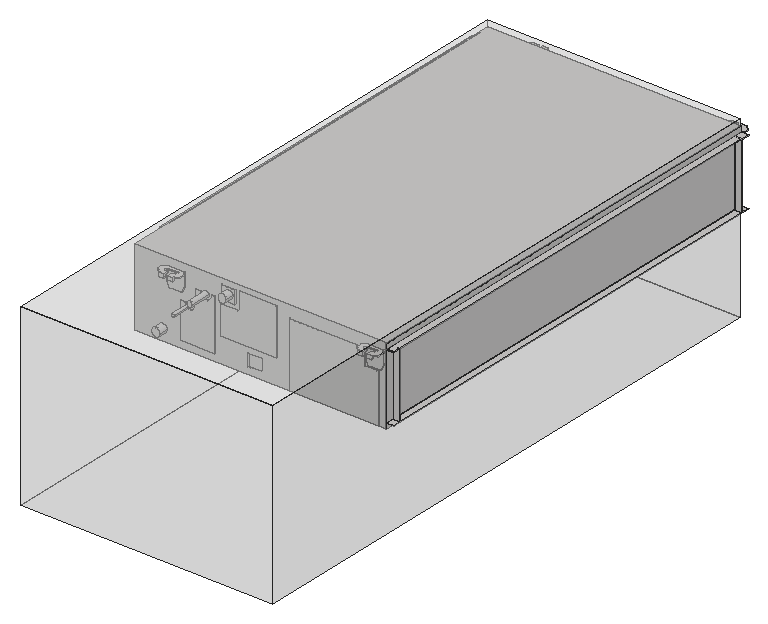
Revit family "outputfile", category 機械設備, Revit 2024
Family settings
  丸型コネクタ寸法 = 半径を使用
  パーツ タイプ = 標準
  OmniClass 番号 = 23.75.10.24.21.27.27
  OmniClass タイトル = Split System Air Conditioning Units
  作業面ベース = いいえ
  常に垂直 = はい
  ロード時にボイドで切り取り = いいえ
  注釈の向きを維持 = いいえ
  共有 = いいえ
  部屋計算ポイント = はい
Parameters (values of type "FBA125BVMA8")
  製造元 = "Daikin"
  書き出し IFC クラス(タイプ) = "IfcUnitaryEquipmentType"
  定義済み IFC タイプ(タイプ) = "AIRCONDITIONINGUNIT"
  モデル = "FBA125BVMA8"
  switch_frequency = yes
  r_Liquid Pipe Size = Liquid Pipe Size / 2  # 4.75 mm
  r_Gas Pipe Size = Gas Pipe Size / 2  # 7.95 mm
  r_Drain Pipe Size = Drain Pipe Size / 2  # 12.5 mm
  lw_power = 770.0 mm  # constant formula
  lh_SA = 138.0 mm  # constant formula
  lw_SA = if(Width = 550.0 mm, 225.0 mm, if(Width = 700.0 mm, 300.0 mm, if(Width = 1000.0 mm, 450.0 mm, if(Width = 1400.0 mm, 650.0 mm, 725.0 mm))))  # 650.0 mm
  lw_RA = if(Width = 550.0 mm, 275.0 mm, if(Width = 700.0 mm, 349.0 mm, if(Width = 1000.0 mm, 499.0 mm, if(Width = 1400.0 mm, 699.0 mm, 775.0 mm))))  # 699.0 mm
  lh_power = 60.0 mm + [h***]  # 60.0 mm
  lh_mountinghole1 = lh_mountinghole + [h***]  # 222.0 mm
  lh_RA = 123.0 mm  # constant formula
  ld_power = Width / 2  # 700.0 mm
  connector_voltage = Voltage_50Hz  # 230 V
  connector_powerinput = [Power Input (Cooling)]  # 3.680 kW
  connector_phase = Phase_50Hz  # 1
  Voltage_comment_60Hz = "220-230"
  Voltage_comment_50Hz = "220-240"
  Voltage_60Hz = 220 V
  Voltage_50Hz = 230 V
  Total Heating Capacity [instance] = 0.000 kW
  Supply Air Direction [instance] = yes
  Sound Power Level_H speed (dB) = 68
  Power Input (Heating) = 3.880 kW
  Phase_60Hz = 1
  Phase_50Hz = 1
  Nominal Heating Capacity = 15.000 kW
  Minimum External Static Pressure = 50.00 Pa
  Maximum External Static Pressure = 150.00 Pa
  Material_Casing = DAIKIN_GalvanizedSteel_Casing_indoorunit
  lw_mountinghole = 630.0 mm  # constant formula
  lh_gaspipe = 183.0 mm + [h***]  # 183.0 mm
  lh_mountinghole = 222.0 mm  # constant formula
  lh_liquidpipe = 136.0 mm + [h***]  # 136.0 mm
  lh_drainpipe = 207.0 mm + [h***]  # 207.0 mm
  lh_antena = Height - lh_mountinghole + 1.0 mm  # 24.0 mm
  ld_drainpipe = Width / 2 + 26.0 mm  # 726.0 mm
  ld_liquidpipe = Width / 2 + 69.0 mm  # 769.0 mm
  ld_gaspipe = Width / 2 + 65.0 mm  # 765.0 mm
  ld_mountinghole = Width + 38.0 mm  # 1438.0 mm
  h*** = 0.0 mm  # constant formula
  lw_liquidpipe = 179.0 mm  # constant formula
  lw_gaspipe = 229.0 mm  # constant formula
  lw_drainpipe = 300.0 mm  # constant formula
  Width = 1400.0 mm
  Version = "ver.1.0"
  Unit Type = "Duct"
  Unit Mass Weight = 47.00 kg
  Unit Designation [instance] = ""
  Uniclass2015Version = "Products v1.30"
  Uniclass2015Title = "Split coil room air conditioning units"
  Uniclass2015Code = "Pr_70_65_03_86"
  Total Cooling Capacity [instance] = 0.000 kW
  Sound Pressure Level_M speed (dBA) = 37.5
  Sound Pressure Level_L speed (dBA) = 35
  Sound Pressure Level_H speed (dBA) = 40
  Series = "SkyAir_Fan Coil Unit"
  Sensible Cooling Capacity [instance] = 0.000 kW
  SA Duct Size Width = 1192.0 mm
  SA Duct Size Height = 176.0 mm
  Refrigerant Type = "R32"
  RA Duct Size Width = 1352.0 mm
  RA Duct Size Height = 208.0 mm
  Power Input (Cooling) = 3.680 kW
  Option Accessory 3 [instance] = ""
  Option Accessory 2 [instance] = ""
  Option Accessory 1 [instance] = ""
  Nominal Cooling Capacity = 12.500 kW
  Minimum Airflow = 1500.00 m³/h
  Median Airflow = 1830.00 m³/h
  Maximum Airflow = 2160.00 m³/h
  Load Classification = HVAC
  Liquid Pipe Size = 9.5 mm
  Link_Nested Family [instance] = ""
  IfcVersion = ""
  IfcExportType = "AIRCONDITIONINGUNIT"
  IfcExportAs = "IfcUnitaryEquipmentType"
  Height = 245.0 mm
  Heating Entering Wet Bulb Temperature [instance] = -273.15 °C
  Heating Entering Dry Bulb Temperature [instance] = -273.15 °C
  Heating Ambient Wet Bulb Temperature [instance] = -273.15 °C
  Heating Ambient Dry Bulb Temperature [instance] = -273.15 °C
  Heat Exchanger Type = "Cross Fin Coil"
  Gas Pipe Size = 15.9 mm
  Frequency_60Hz = 60 Hz
  Frequency_50Hz = 50 Hz
  Fan Type = "Sirocco Fan"
  Fan Drive = "Direct Drive"
  FCU Tag No. [instance] = ""
  Drain Pipe Size = 25.0 mm
  Design Supply Airflow [instance] = 0.00 m³/h
  Design Return Airflow [instance] = 0.00 m³/h
  Design External Static Pressure [instance] = 0.00 Pa
  Depth = 800.0 mm
  既定の高さ = 0.0 mm
  Cooling Entering Wet Bulb Temperature [instance] = 0.00 °C
  Cooling Entering Dry Bulb Temperature [instance] = 0.00 °C
  Cooling Ambient Wet Bulb Temperature [instance] = 0.00 °C
  Cooling Ambient Dry Bulb Temperature [instance] = 0.00 °C
  Clearance visibility [instance] = yes
  Clearance Top = 20.0 mm
  Clearance Right = 0.0 mm
  Clearance Rear = 0.0 mm
  Clearance Left = 0.0 mm
  Clearance Front = 450.0 mm
  Clearance Bottom = 300.0 mm
Reference planes
  plane 1 "Center (Front/Back)": y = 0
  plane 2 "h": z = 0
  plane 3 "Center (Left/Right)": x = 0
  plane 4 "Back": y = 700
  plane 5 "Front": y = -700
  plane 6 "Left": x = -400
  plane 7 "Right": x = 400
  plane 8 "Top": z = 0
  plane 9 "Bottom": z = -245
  plane 10: y = -215
  plane 11: y = 700
  plane 12: y = -1150
  plane 13: x = -400
  plane 14: x = 400
  plane 15: z = 20
  plane 16: z = -545
  plane 17: x = -400
  plane 18: x = -399
  plane 19: x = 399
  plane 20: y = 50
  plane 21: y = -1
  plane 22: z = -122
  plane 23: y = -701
  plane 24: z = -109
  plane 25: x = -221
  plane 26: y = -765
  plane 27: z = -62
  plane 28: x = -171
  plane 29: y = -726
  plane 30: z = -38
  plane 31: x = -100
  plane 32: x = -100
  plane 33: x = -221
  plane 34: x = -171
  plane 35: x = 370
  plane 36: x = -266
  plane 37: x = 364
  plane 38: y = -719
  plane 39: y = 719
  plane 40: z = -23
  plane 41: z = -107
  plane 42: y = -769
  plane 43: z = -207
  plane 44: x = -309
  plane 45: y = -376
  plane 46: x = -251
  plane 47: x = -203
  plane 48: x = -144
  plane 49: z = -59
  plane 50: z = -106
  plane 51: z = -221
  plane 52: z = -109
  plane 53: x = -221
  plane 54: z = -62
  plane 55: x = -171
  plane 56: z = -17
  plane 57: z = -59
  plane 58: x = -121
  plane 59: x = -79
  plane 60: x = -125
  plane 61: x = -64
  plane 62: x = 53
  plane 63: z = -164
  plane 64: z = -73
  plane 65: z = -16
  plane 66: x = 93.5
  plane 67: x = 374.5
  plane 68: x = 330
  plane 69: z = -88.5
  plane 70: z = -38
  plane 71: z = -242.5
  plane 72: x = -38.5
  plane 73: x = 6.5
  plane 74: z = -181
  plane 75: z = -221
  plane 76: y = -699
  plane 77: x = -424
  plane 78: x = 424
Forms (mm)
  Extrusion 1, solid, material "DAIKIN_GalvanizedSteel_Casing_indoorunit" <- "Material_Casing"
    sketch origin (0, 0, 0) x (1, 0, 0) y (0, 1, 0)
      loop
        line (-399, 700) -> (-399, -700) -> (399, -700) -> (399, 700) -> (-399, 700)
    from -245 to 0
  Extrusion 2, solid, material "DAIKIN_GalvanizedSteel_Casing_indoorunit" <- "Material_Casing"
    sketch origin (0, 0, 0) x (1, 0, 0) y (0, 0, 1)
      loop
        line (-251, -221) -> (-144, -221) -> (-144, -59) -> (-154.47, -59)
        arc (-154.47, -59) -> (-171, -78.8) -> (-187.53, -59) r 16.8
        line (-187.53, -59) -> (-203, -59) -> (-203, -106) -> (-206.916, -106)
        arc (-206.916, -106) -> (-221, -123.4) -> (-235.084, -106) r 14.4
        line (-235.084, -106) -> (-251, -106) -> (-251, -221)
    from 700 to 701
  Extrusion 3, solid, material "DAIKIN_GalvanizedSteel_Casing_indoorunit" <- "Material_Casing"
    sketch origin (0, 0, 0) x (1, 0, 0) y (0, 0, 1)
      loop
        line (-121, -17) -> (-121, -59) -> (-79, -59) -> (-79, -17) -> (-121, -17)
      loop
        line (-125, -73) -> (-125, -164) -> (53, -164) -> (53, -16) -> (-64, -16) -> (-64, -73) -> (-125, -73)
    from 700 to 701
  Extrusion 4, solid, material "DAIKIN_GalvanizedSteel_Casing_indoorunit" <- "Material_Casing"
    sketch origin (0, 0, 0) x (1, 0, 0) y (0, 0, 1)
      loop
        line (93.5, -38) -> (93.5, -242.5) -> (374.5, -242.5) -> (374.5, -88.5) -> (330, -88.5) -> (330, -38) -> (93.5, -38)
    from 700 to 701
  Extrusion 5, solid, material "DAIKIN_GalvanizedSteel_Casing_indoorunit" <- "Material_Casing"
    sketch origin (0, 0, 0) x (1, 0, 0) y (0, 0, 1)
      loop
        circle (-221, -109) r 4.75
    from 700 to 769
  Extrusion 6, solid, material "DAIKIN_GalvanizedSteel_Casing_indoorunit" <- "Material_Casing"
    sketch origin (0, 0, 0) x (1, 0, 0) y (0, 0, 1)
      loop
        circle (-171, -62) r 7.95
    from 700 to 765
  Extrusion 7, solid, material "DAIKIN_GalvanizedSteel_Casing_indoorunit" <- "Material_Casing"
    sketch origin (0, 0, 0) x (1, 0, 0) y (0, 0, 1)
      loop
        circle (-100, -38) r 12.5
    from 701 to 726
  Extrusion 8, solid, material "DAIKIN_GalvanizedSteel_Casing_indoorunit" <- "Material_Casing"
    sketch origin (0, 0, 0) x (1, 0, 0) y (0, 0, 1)
      loop
        circle (-309, -207) r 13
    from 700 to 726
  Extrusion 9, void
    sketch origin (0, 0, 0) x (1, 0, 0) y (0, 0, 1)
      loop
        line (-38.5, -181) -> (-38.5, -221) -> (6.5, -221) -> (6.5, -181) -> (-38.5, -181)
    from 699 to 700
Cuts and joins
  Extrusion 9 cuts Extrusion 1
Dimensions and locks
  "Height": plane 8 "Top" to plane 9 "Bottom"
  equal spacing: plane 4 "Back", plane 1 "Center (Front/Back)", plane 5 "Front"
  "Width": plane 4 "Back" to plane 5 "Front"
  equal spacing: plane 6 "Left", plane 3 "Center (Left/Right)", plane 7 "Right"
  "Depth": plane 6 "Left" to plane 7 "Right"
  "Clearance Left": plane 13 to plane 6 "Left"
  "Clearance Right": plane 7 "Right" to plane 14
  "Clearance Rear": plane 11 to plane 4 "Back"
  "Clearance Front": plane 5 "Front" to plane 12
  "Clearance Top": plane 15 to plane 8 "Top"
  "Clearance Bottom": plane 9 "Bottom" to plane 16
  locked: plane 17 to plane 18 at 1
  locked: plane 19 to plane 14 at 1
  "lw_SA": plane 11 to plane 20
  "lw_RA": plane 21 to plane 5 "Front"
  "lh_RA": plane 22 to plane 9 "Bottom"
  locked: plane 5 "Front" to plane 23 at 1
  "lw_liquidpipe": plane 25 to plane 6 "Left"
  "lh_liquidpipe": plane 24 to plane 9 "Bottom"
  "lh_gaspipe": plane 27 to plane 9 "Bottom"
  "lw_gaspipe": plane 28 to plane 6 "Left"
  "ld_gaspipe": plane 26 to plane 1 "Center (Front/Back)"
  "ld_drainpipe": plane 29 to plane 1 "Center (Front/Back)"
  "lh_drainpipe": plane 30 to plane 9 "Bottom"
  "lw_drainpipe": plane 31 to plane 6 "Left"
  "lw_drainpipe": plane 6 "Left" to plane 32
  "lw_liquidpipe": plane 6 "Left" to plane 33
  "lw_gaspipe": plane 6 "Left" to plane 34
  "lw_power": plane 6 "Left" to plane 35
  locked: plane 17 to plane 36 at 134
  "lw_mountinghole": plane 36 to plane 37
  equal spacing: plane 38, plane 1 "Center (Front/Back)", plane 39
  "ld_mountinghole": plane 39 to plane 38
  "lh_mountinghole": plane 40 to plane 9 "Bottom"
  "lh_SA": plane 41 to plane 9 "Bottom"
  locked: plane 44 to plane 6 "Left" at 91
  locked: plane 43 to plane 9 "Bottom" at 38
  plane 48 to plane 47 to plane 46 to plane 6 "Left" = 59.0 mm, 48.0 mm, 149.0 mm
  plane 8 "Top" to plane 49 to plane 50 to plane 51 = 59.0 mm locked, 47.0 mm locked, 115.0 mm locked
  plane 55 to plane 53 to plane 6 "Left" = 50.0 mm locked, 179.0 mm locked
  plane 54 to plane 52 to plane 9 "Bottom" = 47.0 mm locked, 136.0 mm locked
  plane 59 to plane 58 to plane 6 "Left" = 42.0 mm locked, 279.0 mm locked
  plane 8 "Top" to plane 56 to plane 57 = 17.0 mm locked, 42.0 mm locked
  plane 62 to plane 61 to plane 60 to plane 6 "Left" = 117.0 mm, 61.0 mm, 275.0 mm
  plane 8 "Top" to plane 65 to plane 64 = 16.0 mm locked, 57.0 mm locked
  locked: plane 65 to plane 63 at 148
  plane 8 "Top" to plane 70 to plane 69 to plane 71 = 38.0 mm locked, 50.5 mm locked, 154.0 mm locked
  plane 67 to plane 68 to plane 66 to plane 6 "Left" = 44.5 mm locked, 236.5 mm locked, 493.5 mm locked
  plane 8 "Top" to plane 74 to plane 75 = 181.0 mm locked, 40.0 mm locked
  plane 73 to plane 72 to plane 6 "Left" = 45.0 mm, 361.5 mm
  locked: plane 76 to plane 5 "Front" at 1
  locked: plane 77 to plane 17 at 24
  locked: plane 14 to plane 78 at 24
  "ld_liquidpipe": plane 42 to plane 1 "Center (Front/Back)"
  "r_Liquid Pipe Size": radius of Extrusion 5 sketch curve
  "r_Gas Pipe Size": radius of Extrusion 6 sketch curve
  "r_Drain Pipe Size": radius of Extrusion 7 sketch curve
  aligned and locked: level to plane 2 "h"
  aligned and locked: plane 8 "Top" to Extrusion 1
  aligned and locked: Extrusion 1 to plane 9 "Bottom"
  aligned and locked: nested 5 to plane 12
  aligned and locked: plane 13 to nested 5
  aligned and locked: plane 14 to nested 5
  aligned and locked: nested 5 to plane 13
  aligned and locked: plane 11 to nested 5
  aligned and locked: plane 15 to nested 5
  aligned and locked: plane 16 to nested 5
  aligned and locked: plane 5 "Front" to Extrusion 1 sketch curve
  aligned and locked: Extrusion 1 to plane 18
  aligned and locked: plane 19 to Extrusion 1
  aligned and locked: nested 7 to plane 18
  aligned and locked: nested 7 to plane 20
  aligned and locked: plane 19 to nested 8
  aligned and locked: plane 21 to nested 8
  aligned and locked: plane 22 to nested 8
  aligned and locked: Extrusion 2 to plane 23
  aligned and locked: plane 5 "Front" to Extrusion 2
  aligned and locked: Extrusion 3 to plane 23
  aligned and locked: plane 5 "Front" to Extrusion 3
  aligned and locked: plane 5 "Front" to Extrusion 4
  aligned and locked: Extrusion 5 sketch curve to plane 25
  aligned and locked: plane 24 to Extrusion 5 sketch curve
  aligned and locked: plane 5 "Front" to Extrusion 5
  aligned and locked: Extrusion 6 sketch curve to plane 28
  aligned and locked: plane 27 to Extrusion 6 sketch curve
  aligned and locked: plane 5 "Front" to Extrusion 6
  aligned and locked: Extrusion 7 sketch curve to plane 31
  aligned and locked: Extrusion 7 sketch curve to plane 30
  aligned and locked: Extrusion 7 to plane 29
  aligned and locked: plane 23 to Extrusion 7
  aligned and locked: nested 3 to plane 29
  aligned and locked: nested 3 to plane 32
  aligned and locked: nested 2 to plane 33
  aligned and locked: nested 1 to plane 34
  aligned and locked: Extrusion 6 to plane 26
  aligned and locked: nested 1 to plane 26
  aligned and locked: nested 6 to plane 5 "Front"
  aligned and locked: nested 6 to plane 35
  aligned and locked: plane 36 to nested 10
  aligned and locked: nested 10 to plane 5 "Front"
  aligned and locked: plane 37 to nested 9
  aligned and locked: nested 9 to plane 5 "Front"
  aligned and locked: nested 11 to plane 36
  aligned and locked: plane 4 "Back" to nested 11
  aligned and locked: nested 12 to plane 37
  aligned and locked: plane 4 "Back" to nested 12
  aligned and locked: plane 40 to nested 10
  aligned and locked: plane 40 to nested 11
  aligned and locked: plane 40 to nested 9
  aligned and locked: plane 40 to nested 12
  aligned and locked: plane 36 to nested 14
  aligned and locked: nested 14 to plane 39
  aligned and locked: plane 37 to nested 13
  aligned and locked: nested 13 to plane 39
  aligned and locked: plane 37 to nested 16
  aligned and locked: plane 38 to nested 16
  aligned and locked: plane 38 to nested 15
  aligned and locked: plane 36 to nested 15
  aligned and locked: plane 17 to plane 6 "Left"
  aligned and locked: plane 41 to nested 7
  aligned and locked: Extrusion 5 to plane 42
  aligned and locked: nested 2 to plane 42
  aligned and locked: Extrusion 8 sketch curve to plane 44
  aligned and locked: plane 43 to Extrusion 8 sketch curve
  aligned and locked: plane 5 "Front" to Extrusion 8
  aligned and locked: Extrusion 3 sketch curve to plane 56
  aligned and locked: Extrusion 3 sketch curve to plane 58
  aligned and locked: plane 57 to Extrusion 3 sketch curve
  aligned and locked: plane 59 to Extrusion 3 sketch curve
  aligned and locked: Extrusion 4 to plane 23
  aligned and locked: Extrusion 9 sketch curve to plane 74
  aligned and locked: plane 75 to Extrusion 9 sketch curve
  aligned and locked: plane 73 to Extrusion 9 sketch curve
  aligned and locked: plane 5 "Front" to Extrusion 9
  aligned and locked: plane 76 to Extrusion 9
  aligned and locked: nested 17 to plane 20
  aligned and locked: nested 17 to plane 77
  aligned and locked: plane 21 to nested 18
  aligned and locked: plane 78 to nested 18
  aligned and locked: plane 41 to nested 17
  aligned and locked: nested 18 to plane 22
  aligned and locked: nested 4 to plane 3 "Center (Left/Right)"
  aligned and locked: plane 1 "Center (Front/Back)" to nested 4
  aligned and locked: level to plane 8 "Top"
  aligned and locked: Extrusion 8 to plane 29
Automatic sketch dimensions
  plane 6 "Left" to Extrusion 1 sketch curve = 1.0 mm
  Extrusion 1 sketch curve to plane 7 "Right" = 1.0 mm
  Extrusion 1 sketch curve to plane 4 "Back" = 0.0 mm
  Extrusion 2 sketch curve to plane 46 = 0.0 mm
  Extrusion 2 sketch curve to plane 33 = 0.0 mm
  Extrusion 2 sketch curve to plane 47 = 0.0 mm
  Extrusion 2 sketch curve to plane 34 = 0.0 mm
  Extrusion 2 sketch curve to plane 48 = 0.0 mm
  Extrusion 2 sketch curve to plane 51 = 0.0 mm
  Extrusion 2 sketch curve to plane 52 = 0.0 mm
  Extrusion 2 sketch curve to plane 50 = 0.0 mm  (x3)
  Extrusion 2 sketch curve to plane 54 = 0.0 mm
  Extrusion 2 sketch curve to plane 49 = 0.0 mm  (x3)
  plane 33 to Extrusion 2 sketch curve = 14.084 mm
  plane 34 to Extrusion 2 sketch curve = 16.53 mm
  Extrusion 3 sketch curve to plane 60 = 0.0 mm
  Extrusion 3 sketch curve to plane 61 = 0.0 mm
  Extrusion 3 sketch curve to plane 62 = 0.0 mm
  Extrusion 3 sketch curve to plane 63 = 0.0 mm
  Extrusion 3 sketch curve to plane 64 = 0.0 mm
  Extrusion 3 sketch curve to plane 65 = 0.0 mm
  Extrusion 4 sketch curve to plane 66 = 0.0 mm
  Extrusion 4 sketch curve to plane 68 = 0.0 mm
  Extrusion 4 sketch curve to plane 67 = 0.0 mm
  Extrusion 4 sketch curve to plane 71 = 0.0 mm
  Extrusion 4 sketch curve to plane 69 = 0.0 mm
  Extrusion 4 sketch curve to plane 70 = 0.0 mm
  Extrusion 9 sketch curve to plane 72 = 0.0 mm
  radius of Extrusion 8 sketch curve = 13.0 mm
Nested families
  nested 1: "daikin_connector_rotate2" at (-171, 0, -62), length <- "ld_gaspipe", built-in parameter 1001364 <- "lh_gaspipe", radius <- "r_Gas Pipe Size", type "daikin_connector_rotate2"
    with radius 7.95 mm, length 765.0 mm, angle_vertical 90.00°
  nested 2: "daikin_connector_rotate2" at (-221, 0, -109), length <- "ld_liquidpipe", built-in parameter 1001364 <- "lh_liquidpipe", radius <- "r_Liquid Pipe Size", type "daikin_connector_rotate2"
    with radius 4.75 mm, length 769.0 mm, angle_vertical 90.00°
  nested 3: "daikin_connector_rotate2" at (-100, 0, -38), length <- "ld_drainpipe", built-in parameter 1001364 <- "lh_drainpipe", radius <- "r_Drain Pipe Size", type "daikin_connector_rotate2"
    with radius 12.5 mm, length 726.0 mm, angle_vertical 90.00°
  nested 4: "daikin_△_symbolicline" at (0, 0, 245) x (0, -1, 0) z (0, 0, 1), built-in parameter 1001364 <- "Height", visible <- "Supply Air Direction", type "daikin_△_symbolicline"
    with length 200.0 mm
  nested 5: "daikin_clearancespace" at (0, -225, -262.381), visible <- "Clearance visibility", show <- "Clearance visibility", Link_Nested Family <- "Link_Nested Family", type "daikin_clearancespace"
    with width 800.0 mm, show yes, height 565.0 mm, depth 1850.0 mm, Link_Nested Family ""
  nested 6: "daikin_connector_rotate2" at (370, 0, -185), built-in parameter 1001364 <- "lh_power", length <- "ld_power", type "daikin_connector_rotate2"
    with radius 10.0 mm, length 700.0 mm, angle_vertical 90.00°
  nested 7: "daikin_ductflange_FBA-BVMA8_2" at (-399, 50, -107) x (0, -1, 0) z (0, 0, 1), type "daikin_ductflange_FBA-BVMA8_2"
  nested 8: "daikin_ductflange_FBA-BVMA8" at (399, -1, -122) x (0, 1, 0) z (0, 0, 1), type "daikin_ductflange_FBA-BVMA8"
    with width 1352.0 mm, lw 25.0 mm, w 1400.0 mm
  nested 9: "daikin_hangerfixture_FBA-BVMA8" at (364, -700, -23), type "daikin_hangerfixture_FBA-BVMA8"
  nested 10: "daikin_hangerfixture_FBA-BVMA8" at (-266, -700, -23), type "daikin_hangerfixture_FBA-BVMA8"
  nested 11: "daikin_hangerfixture_FBA-BVMA8" at (-266, 700, -23) x (-1, 0, 0) z (0, 0, 1), type "daikin_hangerfixture_FBA-BVMA8"
  nested 12: "daikin_hangerfixture_FBA-BVMA8" at (364, 700, -23) x (-1, 0, 0) z (0, 0, 1), type "daikin_hangerfixture_FBA-BVMA8"
  nested 13: "daikin_mountinghole" at (364, 719, -245), h_mountinghole <- "lh_mountinghole1", l_antenna <- "lh_antena", Link_Nested Family <- "Link_Nested Family", type "daikin_mountinghole"
    with show yes, l_antenna 24.0 mm, h_mountinghole 222.0 mm, Link_Nested Family ""
  nested 14: "daikin_mountinghole" at (-266, 719, -245), h_mountinghole <- "lh_mountinghole1", l_antenna <- "lh_antena", Link_Nested Family <- "Link_Nested Family", type "daikin_mountinghole"
    with show yes, l_antenna 24.0 mm, h_mountinghole 222.0 mm, Link_Nested Family ""
  nested 15: "daikin_mountinghole" at (-266, -719, -245), h_mountinghole <- "lh_mountinghole1", l_antenna <- "lh_antena", Link_Nested Family <- "Link_Nested Family", type "daikin_mountinghole"
    with show yes, l_antenna 24.0 mm, h_mountinghole 222.0 mm, Link_Nested Family ""
  nested 16: "daikin_mountinghole" at (364, -719, -245), h_mountinghole <- "lh_mountinghole1", l_antenna <- "lh_antena", Link_Nested Family <- "Link_Nested Family", type "daikin_mountinghole"
    with show yes, l_antenna 24.0 mm, h_mountinghole 222.0 mm, Link_Nested Family ""
  nested 17: "daikin_connector_rotate2" at (-400, 50, -107) x (0, -1, 0) z (0, 0, 1), type "daikin_connector_rotate2"
    with radius 10.0 mm, length 24.0 mm, angle_vertical 90.00°
  nested 18: "daikin_connector_rotate2" at (400, -1, -122) x (0, 1, 0) z (0, 0, 1), type "daikin_connector_rotate2"
    with radius 10.0 mm, length 24.0 mm, angle_vertical 90.00°
Connectors
  piping at (-100, -726, -38), diameter 25, driven by "r_Drain Pipe Size"
    settings: on nested 3, index 3, connector inside diameter 609.6 mm, connector length 0.0 mm, flow factor 0, pipe flow 0.00 m³/h, pressure drop 0.0 Pa, fitting loss kfactor 0, connector angle 0.00°, fixture units 0, engagement length 0.0 mm, angle of deflection 0.00°, flow configuration 1, flow direction 2, fitting loss method 4, system type 16, joint type 0, gender type 0, connector reference index -1, connector utility 0, adjustable connector no, is connector primary yes, connector description "Condensate Drain Piping"
  piping at (-171, -765, -62), diameter 15.9, driven by "r_Gas Pipe Size"
    settings: on nested 1, index 4, connector inside diameter 609.6 mm, connector length 0.0 mm, flow factor 0, pipe flow 0.00 m³/h, pressure drop 0.0 Pa, fitting loss kfactor 0, connector angle 0.00°, fixture units 0, engagement length 0.0 mm, angle of deflection 0.00°, flow configuration 1, flow direction 2, fitting loss method 0, system type 29, joint type 0, gender type 0, connector reference index -1, connector utility 0, adjustable connector no, is connector primary no, connector description "Refrigerant Gas Piping"
  piping at (-221, -769, -109), diameter 9.5, driven by "r_Liquid Pipe Size"
    settings: on nested 2, index 5, connector inside diameter 609.6 mm, connector length 0.0 mm, flow factor 0, pipe flow 0.00 m³/h, pressure drop 0.0 Pa, fitting loss kfactor 0, connector angle 0.00°, fixture units 0, engagement length 0.0 mm, angle of deflection 0.00°, flow configuration 1, flow direction 1, fitting loss method 0, system type 29, joint type 0, gender type 0, connector reference index -1, connector utility 0, adjustable connector no, is connector primary no, connector description "Refrigerant Liquid Piping"
  electrical at (370, -700, -185), driven by "Load Classification", driven by "connector_voltage", driven by "connector_phase", driven by "connector_powerinput"
    settings: on nested 6, index 6, voltage 230 V, apparent load 3680 VA, apparent load phase1 0 VA, apparent load phase2 0 VA, apparent load phase3 0 VA, power factor 1, load classification "HVAC", number of poles 1, system type 30, power factor state 1, is connector primary yes, connector utility no, sub classification motor no, connector description "Power Supply"
  hvac at (-424, 50, -107), driven by "SA Duct Size Height", driven by "SA Duct Size Width"
    settings: on nested 17, index 7, duct flow 0.00 m³/h, flow factor 0, pres drop 0.00 Pa, loss coef 0, conn angle 0.00°, conn width 1192.0 mm, conn height 176.0 mm, conn diameter 609.6 mm, duct sys type 1, conn prof type 1, flow config 0, flow direction 2, loss method 4, conn ref index -1, conn util no, is conn primary yes, conn desc "SA Duct"
  hvac at (424, -1, -122), driven by "RA Duct Size Height", driven by "RA Duct Size Width"
    settings: on nested 18, index 8, duct flow 0.00 m³/h, flow factor 0, pres drop 0.00 Pa, loss coef 0, conn angle 0.00°, conn width 1352.0 mm, conn height 208.0 mm, conn diameter 609.6 mm, duct sys type 2, conn prof type 1, flow config 0, flow direction 1, loss method 4, conn ref index -1, conn util no, is conn primary no, conn desc "RA Duct"
Definition of nested family "daikin_clearancespace"
  Parameters (values of type "daikin_clearancespace")
    Description = "daikin_clearancespace"
    width [instance] = 1823.963 mm
    show [instance] = yes
    material = none
    height [instance] = 1359.762 mm
    depth [instance] = 880.0 mm
    Default Elevation = 0.0 mm
    Link_Nested Family [instance] = ""
  Reference planes
    plane 1 "Center (Front/Back)": y = 0
    plane 2 "Center (Elevation)": z = -0.119
    plane 3 "Center (Left/Right)": x = 0
    plane 4: y = 440
    plane 5: y = -440
    plane 6 "Right": x = 911.982
    plane 7 "Left": x = -911.982
    plane 8 "Top": z = 679.762
    plane 9 "Bottom": z = -680
  Forms (mm)
    Extrusion 1, solid, material <- "material", visible <- "show"
      sketch origin (0, 0, 0) x (1, 0, 0) y (0, 1, 0)
        loop
          line (-911.982, 440) -> (-911.982, -440) -> (911.982, -440) -> (911.982, 440) -> (-911.982, 440)
      from -680 to 679.762
  Lines and regions (mm)
    symbolic lines, visible <- "show"
      curve 1: line (911.982, 440, 0) -> (-911.982, 440, 0)
      curve 2: line (-911.982, 440, 0) -> (-911.982, -440, 0)
      curve 3: line (-911.982, -440, 0) -> (911.982, -440, 0)
      curve 4: line (911.982, -440, 0) -> (911.982, 440, 0)
      curve 5: line (911.982, 0, 679.762) -> (-911.982, 0, 679.762)
      curve 6: line (911.982, 0, -680) -> (911.982, 0, 679.762)
      curve 7: line (-911.982, 0, -680) -> (911.982, 0, -680)
      curve 8: line (-911.982, 0, 679.762) -> (-911.982, 0, -680)
      curve 9: line (0, 440, 679.762) -> (0, -440, 679.762)
      curve 10: line (0, -440, 679.762) -> (0, -440, -680)
      curve 11: line (0, 440, -680) -> (0, 440, 679.762)
      curve 12: line (0, -440, -680) -> (0, 440, -680)
  Dimensions and locks
    "width": plane 7 "Left" to plane 6 "Right"
    "depth": plane 4 to plane 5
    "height": plane 8 "Top" to plane 9 "Bottom"
    equal spacing: plane 7 "Left", plane 3 "Center (Left/Right)", plane 6 "Right"
    equal spacing: plane 4, plane 1 "Center (Front/Back)", plane 5
    equal spacing: plane 8 "Top", plane 2 "Center (Elevation)", plane 9 "Bottom"
    aligned and locked: level to plane 2 "Center (Elevation)"
    aligned and locked: Extrusion 1 sketch curve to plane 4
    aligned and locked: plane 7 "Left" to Extrusion 1 sketch curve
    aligned and locked: Extrusion 1 sketch curve to plane 5
    aligned and locked: Extrusion 1 sketch curve to plane 6 "Right"
    aligned and locked: plane 8 "Top" to Extrusion 1
    aligned and locked: curve 1 to Extrusion 1
    aligned and locked: curve 2 to Extrusion 1
    aligned and locked: curve 3 to Extrusion 1
    aligned and locked: curve 4 to Extrusion 1
    aligned and locked: curve 5 to Extrusion 1
    aligned and locked: curve 6 to Extrusion 1
    aligned and locked: curve 7 to Extrusion 1
    aligned and locked: curve 8 to Extrusion 1
    aligned and locked: curve 9 to Extrusion 1
    aligned and locked: curve 10 to Extrusion 1
    aligned and locked: curve 11 to Extrusion 1
    aligned and locked: curve 12 to Extrusion 1
    aligned and locked: Extrusion 1 to plane 9 "Bottom"
Definition of nested family "daikin_ductflange_FBA-BVMA8_2"
  Parameters (values of type "daikin_ductflange_FBFC-DVMG2")
    width = if(w = 550.0 mm, 337.0 mm, if(w = 700.0 mm, 492.0 mm, if(w = 1000.0 mm, 792.0 mm, if(w = 1400.0 mm, 1192.0 mm, 1337.0 mm))))  # 1192.0 mm
    material = none
    height = 215.0 mm
    depth = 1.0 mm
    w = 1400.0 mm
    Default Elevation = 0.0 mm
  Reference planes
    plane 1 "Center (Front/Back)": y = 0
    plane 2: z = 0
    plane 3 "Center (Left/Right)": x = 0
    plane 4: z = 88
    plane 5: z = -88
    plane 6: y = -25
    plane 7: z = 106
    plane 8: z = 89
    plane 9: y = -1
    plane 10: x = -617.5
    plane 11: x = 617.5
    plane 12: z = -106
    plane 13: z = -89
    plane 14: y = -1
    plane 15: x = 596
    plane 16: x = -596
    plane 17: x = 597
    plane 18: z = 87
    plane 19: z = -87
    plane 20: x = -597
    plane 21: z = 87
    plane 22: z = -87
    plane 23: y = -1
  Forms (mm)
    Extrusion 1, solid, material <- "material"
      sketch origin (0, 0, 0) x (0, 1, 0) y (0, 0, 1)
        loop
          line (-25, 88) -> (0, 88) -> (0, 106) -> (-1, 106) -> (-1, 89) -> (-25, 89) -> (-25, 88)
      from -617.5 to 617.5
    Extrusion 2, solid, material <- "material"
      sketch origin (0, 0, 0) x (0, 1, 0) y (0, 0, 1)
        loop
          line (-25, -88) -> (-25, -89) -> (-1, -89) -> (-1, -106) -> (0, -106) -> (0, -88) -> (-25, -88)
      from -617.5 to 617.5
    Extrusion 3, solid, material <- "material"
      sketch origin (0, 0, 0) x (1, 0, 0) y (0, 0, 1)
        loop
          line (596, 88) -> (596, -88) -> (617.5, -88) -> (617.5, -87) -> (597, -87) -> (597, 87) -> (617.5, 87) -> (617.5, 88) -> (596, 88)
      from 0 to 25
    Extrusion 4, solid, material <- "material"
      sketch origin (0, 0, 0) x (1, 0, 0) y (0, 0, 1)
        loop
          line (-617.5, 88) -> (-617.5, 87) -> (-597, 87) -> (-597, -87) -> (-617.5, -87) -> (-617.5, -88) -> (-596, -88) -> (-596, 88) -> (-617.5, 88)
      from 0 to 25
    Extrusion 5, solid, material <- "material"
      sketch origin (0, 0, 0) x (1, 0, 0) y (0, 0, 1)
        loop
          line (-617.5, 88) -> (-617.5, -88) -> (-596, -88) -> (-596, 88) -> (-617.5, 88)
        loop
          line (617.5, 88) -> (596, 88) -> (596, -88) -> (617.5, -88) -> (617.5, 88)
      from 0 to 1
  Cuts and joins
    joined: Extrusion 1, Extrusion 2, Extrusion 3, Extrusion 4, Extrusion 5
  Dimensions and locks
    plane 4 to level to plane 5 = 88.0 mm, 88.0 mm
    locked: plane 6 to plane 1 "Center (Front/Back)" at 25
    locked: plane 9 to plane 1 "Center (Front/Back)" at 1
    locked: plane 8 to plane 4 at 1
    locked: plane 16 to plane 10 at 21.5
    locked: plane 17 to plane 15 at 1
    locked: plane 4 to plane 18 at 1
    locked: plane 19 to plane 5 at 1
    "width": plane 15 to plane 16
    plane 4 to plane 5 = 176.0 mm
    locked: plane 16 to plane 20 at 1
    locked: plane 4 to plane 21 at 1
    locked: plane 22 to plane 5 at 1
    locked: plane 23 to plane 1 "Center (Front/Back)" at 1
    plane 4 to level to plane 5 = 88.0 mm locked, 88.0 mm locked
    locked: plane 5 to plane 13 at 1
    locked: plane 5 to plane 12 at 18
    locked: plane 7 to plane 4 at 18
    equal spacing: plane 15, plane 3 "Center (Left/Right)", plane 16
    locked: plane 11 to plane 15 at 21.5
    plane 11 to plane 10 = 1235.0 mm
    aligned and locked: level to plane 2
    aligned and locked: Extrusion 1 to plane 10
    aligned and locked: plane 11 to Extrusion 1
    aligned and locked: plane 5 to Extrusion 2
    aligned and locked: Extrusion 2 to plane 1 "Center (Front/Back)"
    aligned and locked: plane 15 to Extrusion 3 sketch curve
    aligned and locked: Extrusion 3 sketch curve to Extrusion 2  (x2)
    aligned and locked: Extrusion 3 sketch curve to plane 11
    aligned and locked: plane 6 to Extrusion 3
    aligned and locked: Extrusion 2 to plane 10
    aligned and locked: plane 11 to Extrusion 2
    aligned and locked: Extrusion 4 sketch curve to Extrusion 1  (x2)
    aligned and locked: plane 5 to Extrusion 4 sketch curve
    aligned and locked: Extrusion 4 sketch curve to plane 16
    aligned and locked: Extrusion 4 sketch curve to plane 22
    aligned and locked: plane 20 to Extrusion 4 sketch curve
    aligned and locked: plane 21 to Extrusion 4 sketch curve
    aligned and locked: Extrusion 4 to plane 1 "Center (Front/Back)"
    aligned and locked: plane 6 to Extrusion 4
    aligned and locked: Extrusion 5 sketch curve to Extrusion 1  (x4)
    aligned and locked: Extrusion 5 sketch curve to Extrusion 4  (x2)
    aligned and locked: Extrusion 5 sketch curve to Extrusion 3  (x2)
    aligned and locked: Extrusion 5 to plane 1 "Center (Front/Back)"
    aligned and locked: plane 23 to Extrusion 5
  Automatic sketch dimensions
    Extrusion 1 sketch curve to plane 6 = 0.0 mm
    Extrusion 1 sketch curve to plane 7 = 0.0 mm
    Extrusion 1 sketch curve to plane 9 = 0.0 mm
    Extrusion 1 sketch curve to plane 1 "Center (Front/Back)" = 0.0 mm
    Extrusion 1 sketch curve to plane 4 = 0.0 mm
    Extrusion 1 sketch curve to plane 8 = 0.0 mm
    Extrusion 2 sketch curve to plane 6 = 0.0 mm
    plane 12 to Extrusion 2 sketch curve = 0.0 mm
    Extrusion 2 sketch curve to plane 14 = 0.0 mm
    Extrusion 2 sketch curve to plane 1 "Center (Front/Back)" = 0.0 mm
    plane 13 to Extrusion 2 sketch curve = 0.0 mm
    Extrusion 2 sketch curve to plane 5 = 0.0 mm
    Extrusion 3 sketch curve to plane 17 = 0.0 mm
    Extrusion 3 sketch curve to plane 19 = 0.0 mm
    Extrusion 3 sketch curve to plane 18 = 0.0 mm
    Extrusion 3 sketch curve to plane 4 = 0.0 mm
    Extrusion 4 sketch curve to plane 10 = 0.0 mm
Definition of nested family "daikin_ductflange_FBA-BVMA8"
  Parameters (values of type "daikin_ductflange_FBFC-DVMG")
    width = if(w = 550.0 mm, 502.0 mm, if(w = 700.0 mm, 654.0 mm, if(w = 1000.0 mm, 952.0 mm, if(w = 1400.0 mm, 1352.0 mm, 1502.0 mm))))  # 654.0 mm
    material = none
    lw = if(width = 654.0 mm, 23.0 mm, 25.0 mm)  # 23.0 mm
    height = 208.0 mm
    depth = 1.0 mm
    w = 700.0 mm
    Default Elevation = 0.0 mm
  Reference planes
    plane 1 "Center (Front/Back)": y = 0
    plane 2: z = 0
    plane 3 "Center (Left/Right)": x = 0
    plane 4: z = 104
    plane 5: z = -104
    plane 6: y = -25
    plane 7: z = 121
    plane 8: z = 105
    plane 9: y = -1
    plane 10: x = -350
    plane 11: x = 350
    plane 12: z = -122
    plane 13: z = -105
    plane 14: y = -1
    plane 15: x = 327
    plane 16: x = -327
    plane 17: x = 328
    plane 18: z = 103
    plane 19: z = -103
    plane 20: x = -328
    plane 21: z = 103
    plane 22: z = -103
    plane 23: y = -1
  Forms (mm)
    Extrusion 1, solid, material <- "material"
      sketch origin (0, 0, 0) x (0, 1, 0) y (0, 0, 1)
        loop
          line (-25, 104) -> (0, 104) -> (0, 121) -> (-1, 121) -> (-1, 105) -> (-25, 105) -> (-25, 104)
      from -350 to 350
    Extrusion 2, solid, material <- "material"
      sketch origin (0, 0, 0) x (0, 1, 0) y (0, 0, 1)
        loop
          line (-25, -104) -> (-25, -105) -> (-1, -105) -> (-1, -122) -> (0, -122) -> (0, -104) -> (-25, -104)
      from -350 to 350
    Extrusion 3, solid, material <- "material"
      sketch origin (0, 0, 0) x (1, 0, 0) y (0, 0, 1)
        loop
          line (327, 104) -> (327, -104) -> (350, -104) -> (350, -103) -> (328, -103) -> (328, 103) -> (350, 103) -> (350, 104) -> (327, 104)
      from 0 to 25
    Extrusion 4, solid, material <- "material"
      sketch origin (0, 0, 0) x (1, 0, 0) y (0, 0, 1)
        loop
          line (-350, 104) -> (-350, 103) -> (-328, 103) -> (-328, -103) -> (-350, -103) -> (-350, -104) -> (-327, -104) -> (-327, 104) -> (-350, 104)
      from 0 to 25
    Extrusion 5, solid, material <- "material"
      sketch origin (0, 0, 0) x (1, 0, 0) y (0, 0, 1)
        loop
          line (-350, 104) -> (-350, -104) -> (-327, -104) -> (-327, 104) -> (-350, 104)
        loop
          line (350, 104) -> (327, 104) -> (327, -104) -> (350, -104) -> (350, 104)
      from 0 to 1
  Cuts and joins
    joined: Extrusion 1, Extrusion 2, Extrusion 3, Extrusion 4, Extrusion 5
  Dimensions and locks
    plane 4 to level to plane 5 = 104.0 mm, 104.0 mm
    locked: plane 6 to plane 1 "Center (Front/Back)" at 25
    locked: plane 9 to plane 1 "Center (Front/Back)" at 1
    locked: plane 8 to plane 4 at 1
    "lw": plane 11 to plane 15
    "lw": plane 16 to plane 10
    locked: plane 17 to plane 15 at 1
    locked: plane 4 to plane 18 at 1
    locked: plane 19 to plane 5 at 1
    "width": plane 15 to plane 16
    equal spacing: plane 15, plane 3 "Center (Left/Right)", plane 16
    locked: plane 16 to plane 20 at 1
    locked: plane 4 to plane 21 at 1
    locked: plane 22 to plane 5 at 1
    locked: plane 23 to plane 1 "Center (Front/Back)" at 1
    locked: plane 7 to plane 4 at 17
    locked: plane 1 "Center (Front/Back)" to plane 14 at 1
    locked: plane 5 to plane 13 at 1
    "height": plane 4 to plane 5
    plane 11 to plane 10 = 700.0 mm
    locked: plane 12 to plane 13 at 17
    equal spacing: plane 4, level, plane 5
    aligned and locked: level to plane 2
    aligned and locked: Extrusion 1 to plane 10
    aligned and locked: plane 11 to Extrusion 1
    aligned and locked: plane 5 to Extrusion 2
    aligned and locked: Extrusion 2 to plane 1 "Center (Front/Back)"
    aligned and locked: plane 15 to Extrusion 3 sketch curve
    aligned and locked: Extrusion 3 sketch curve to Extrusion 2  (x2)
    aligned and locked: Extrusion 3 sketch curve to plane 11
    aligned and locked: plane 6 to Extrusion 3
    aligned and locked: Extrusion 2 to plane 10
    aligned and locked: plane 11 to Extrusion 2
    aligned and locked: Extrusion 4 sketch curve to Extrusion 1  (x2)
    aligned and locked: plane 5 to Extrusion 4 sketch curve
    aligned and locked: Extrusion 4 sketch curve to plane 16
    aligned and locked: Extrusion 4 sketch curve to plane 22
    aligned and locked: plane 20 to Extrusion 4 sketch curve
    aligned and locked: plane 21 to Extrusion 4 sketch curve
    aligned and locked: Extrusion 4 to plane 1 "Center (Front/Back)"
    aligned and locked: plane 6 to Extrusion 4
    aligned and locked: Extrusion 5 sketch curve to Extrusion 1  (x4)
    aligned and locked: Extrusion 5 sketch curve to Extrusion 4  (x2)
    aligned and locked: Extrusion 5 sketch curve to Extrusion 3  (x2)
    aligned and locked: Extrusion 5 to plane 1 "Center (Front/Back)"
    aligned and locked: plane 23 to Extrusion 5
  Automatic sketch dimensions
    Extrusion 1 sketch curve to plane 6 = 0.0 mm
    Extrusion 1 sketch curve to plane 7 = 0.0 mm
    Extrusion 1 sketch curve to plane 9 = 0.0 mm
    Extrusion 1 sketch curve to plane 1 "Center (Front/Back)" = 0.0 mm
    Extrusion 1 sketch curve to plane 4 = 0.0 mm
    Extrusion 1 sketch curve to plane 8 = 0.0 mm
    Extrusion 2 sketch curve to plane 6 = 0.0 mm
    plane 12 to Extrusion 2 sketch curve = 0.0 mm
    Extrusion 2 sketch curve to plane 14 = 0.0 mm
    Extrusion 2 sketch curve to plane 1 "Center (Front/Back)" = 0.0 mm
    plane 13 to Extrusion 2 sketch curve = 0.0 mm
    Extrusion 2 sketch curve to plane 5 = 0.0 mm
    Extrusion 3 sketch curve to plane 17 = 0.0 mm
    Extrusion 3 sketch curve to plane 19 = 0.0 mm
    Extrusion 3 sketch curve to plane 18 = 0.0 mm
    Extrusion 3 sketch curve to plane 4 = 0.0 mm
    Extrusion 4 sketch curve to plane 10 = 0.0 mm
Definition of nested family "daikin_hangerfixture_FBA-BVMA8"
  Parameters (values of type "daikin_hangerfixture_FXMQ-PAVE")
    width = 72.0 mm
    material = none
    height = 60.0 mm
    depth = 41.0 mm
    Default Elevation = 0.0 mm
  Reference planes
    plane 1 "Center (Front/Back)": y = 0
    plane 2: z = 0
    plane 3 "Center (Left/Right)": x = 0
    plane 4: y = 417.146
    plane 5: y = -41
    plane 6: x = -36
    plane 7: x = 36
    plane 8: z = -2.3
    plane 9: z = -60
    plane 10: y = -2.3
    plane 11: z = -12
    plane 12: y = -38.7
  Forms (mm)
    Extrusion 1, solid, material <- "material"
      sketch origin (0, 0, 0) x (1, 0, 0) y (0, 1, 0)
        loop
          line (-28, 0) -> (-28, -5)
          arc (-28, -5) -> (-29.127, -8.162) -> (-32, -9.899) r 5
          arc (-32, -9.899) -> (-34.873, -11.636) -> (-36, -14.798) r 5
          line (-36, -14.798) -> (-36, -27.178)
          arc (-36, -27.178) -> (-35.429, -29.499) -> (-33.846, -31.289) r 5
          line (-33.846, -31.289) -> (-23, -38.798) -> (-23, -41.098) -> (-6.5, -41.098) -> (-6.5, -28.498)
          arc (-6.5, -28.498) -> (-7.379, -26.377) -> (-9.5, -25.498) r 3
          line (-9.5, -25.498) -> (-13.5, -25.498)
          arc (-13.5, -25.498) -> (-20, -18.998) -> (-13.5, -12.498) r 6.5
          line (-13.5, -12.498) -> (13.5, -12.498)
          arc (13.5, -12.498) -> (20, -18.998) -> (13.5, -25.498) r 6.5
          line (13.5, -25.498) -> (9.5, -25.498)
          arc (9.5, -25.498) -> (7.379, -26.377) -> (6.5, -28.498) r 3
          line (6.5, -28.498) -> (6.5, -41.098) -> (23, -41.098) -> (23, -38.798) -> (33.846, -31.289)
          arc (33.846, -31.289) -> (35.429, -29.499) -> (36, -27.178) r 5
          line (36, -27.178) -> (36, -14.596)
          arc (36, -14.596) -> (34.873, -11.434) -> (32, -9.697) r 5
          arc (32, -9.697) -> (29.127, -7.96) -> (28, -4.798) r 5
          line (28, -4.798) -> (28, 0) -> (-28, 0)
      from 0 to -2.3
    Extrusion 2, solid, material <- "material"
      sketch origin (0, 0, 0) x (1, 0, 0) y (0, 0, 1)
        loop
          line (28, -39.037) -> (28, 0) -> (-28, 0) -> (-28, -39.037)
          arc (-28, -39.037) -> (-27.91, -39.983) -> (-27.642, -40.894) r 5
          line (-27.642, -40.894) -> (-21.257, -56.857)
          arc (-21.257, -56.857) -> (-19.418, -59.14) -> (-16.615, -60) r 5
          line (-16.615, -60) -> (16.615, -60)
          arc (16.615, -60) -> (19.418, -59.14) -> (21.257, -56.857) r 5
          line (21.257, -56.857) -> (27.642, -40.894)
          arc (27.642, -40.894) -> (27.91, -39.983) -> (28, -39.037) r 5
      from 0 to 2.3
    Extrusion 3, solid, material <- "material"
      sketch origin (0, 0, 0) x (1, 0, 0) y (0, 0, 1)
        loop
          line (-23, 0) -> (-23, -9)
          arc (-23, -9) -> (-22.121, -11.121) -> (-20, -12) r 3
          line (-20, -12) -> (-9.5, -12)
          arc (-9.5, -12) -> (-7.379, -11.121) -> (-6.5, -9) r 3
          line (-6.5, -9) -> (-6.5, 0) -> (-23, 0)
        loop
          line (23, 0) -> (6.5, 0) -> (6.5, -9)
          arc (6.5, -9) -> (7.379, -11.121) -> (9.5, -12) r 3
          line (9.5, -12) -> (20, -12)
          arc (20, -12) -> (22.121, -11.121) -> (23, -9) r 3
          line (23, -9) -> (23, 0)
      from 38.8 to 41.098
  Cuts and joins
    joined: Extrusion 1, Extrusion 2, Extrusion 3
  Dimensions and locks
    plane 2 to plane 8 = 2.3 mm
    "height": plane 2 to plane 9
    locked: plane 10 to plane 1 "Center (Front/Back)" at 2.3
    locked: plane 2 to plane 11 at 12
    locked: plane 12 to plane 5 at 2.3
    aligned and locked: level to plane 2
    aligned and locked: Extrusion 1 to plane 8
    aligned and locked: plane 2 to Extrusion 1
    aligned and locked: plane 2 to Extrusion 2 sketch curve
    aligned and locked: Extrusion 2 to plane 10
    aligned and locked: Extrusion 2 to plane 1 "Center (Front/Back)"
    aligned and locked: Extrusion 3 sketch curve to cut or joined group of Extrusion 1, Extrusion 2, Extrusion 3  (x3)
    aligned and locked: cut or joined group of Extrusion 1, Extrusion 2, Extrusion 3 to Extrusion 3
  Automatic sketch dimensions
    Extrusion 2 sketch curve to plane 7 = 8.0 mm
    Extrusion 2 sketch curve to plane 8 = 36.737 mm
    plane 6 to Extrusion 2 sketch curve = 19.385 mm
    Extrusion 1 sketch curve to plane 6 = 0.0 mm
    plane 1 "Center (Front/Back)" to Extrusion 1 sketch curve = 0.0 mm
    Extrusion 1 sketch curve to plane 7 = 0.0 mm
    plane 6 to Extrusion 1 sketch curve = 2.154 mm
    plane 6 to Extrusion 1 sketch curve = 3.0 mm
    Extrusion 1 sketch curve to Extrusion 1 sketch curve = 5.0 mm  (x3)
    Extrusion 1 sketch curve to plane 12 = 0.098 mm  (x2)
    Extrusion 1 sketch curve to Extrusion 1 sketch curve = 4.0 mm  (x2)
    Extrusion 1 sketch curve to plane 5 = 0.098 mm  (x2)
    Extrusion 1 sketch curve to plane 3 "Center (Left/Right)" = 6.5 mm
    plane 3 "Center (Left/Right)" to Extrusion 1 sketch curve = 6.5 mm
    Extrusion 1 sketch curve to Extrusion 1 sketch curve = 3.0 mm
    Extrusion 1 sketch curve to plane 7 = 8.0 mm
    Extrusion 1 sketch curve to plane 7 = 5.0 mm
    Extrusion 1 sketch curve to plane 7 = 3.0 mm
    Extrusion 1 sketch curve to plane 7 = 2.154 mm
    plane 12 to Extrusion 1 sketch curve = 7.411 mm  (x2)
    plane 12 to Extrusion 1 sketch curve = 10.202 mm  (x2)
    Extrusion 1 sketch curve to Extrusion 1 sketch curve = 6.5 mm  (x2)
    Extrusion 1 sketch curve to Extrusion 1 sketch curve = 12.38 mm
    Extrusion 1 sketch curve to plane 10 = 12.296 mm
    Extrusion 1 sketch curve to plane 10 = 2.7 mm
    Extrusion 1 sketch curve to plane 10 = 2.498 mm
    plane 6 to Extrusion 1 sketch curve = 4.0 mm
    Extrusion 1 sketch curve to Extrusion 1 sketch curve = 0.0 mm  (x2)
    Extrusion 1 sketch curve to plane 7 = 4.0 mm
    Extrusion 1 sketch curve to Extrusion 1 sketch curve = 4.111 mm
    Extrusion 3 sketch curve to level = 0.0 mm  (x2)
    Extrusion 3 sketch curve to plane 11 = 0.0 mm  (x2)
    plane 11 to Extrusion 3 sketch curve = 3.0 mm  (x2)
    plane 3 "Center (Left/Right)" to Extrusion 3 sketch curve = 6.5 mm
    Extrusion 3 sketch curve to Extrusion 3 sketch curve = 3.0 mm  (x2)
    Extrusion 2 sketch curve to plane 9 = 0.0 mm
    Extrusion 2 sketch curve to Extrusion 2 sketch curve = 11.385 mm
    plane 6 to Extrusion 2 sketch curve = 8.0 mm
    plane 9 to Extrusion 2 sketch curve = 20.963 mm
    Extrusion 2 sketch curve to Extrusion 2 sketch curve = 5.0 mm  (x2)
    plane 9 to Extrusion 2 sketch curve = 3.143 mm  (x3)
    Extrusion 2 sketch curve to Extrusion 2 sketch curve = 4.642 mm  (x2)
    Extrusion 2 sketch curve to Extrusion 2 sketch curve = 0.0 mm  (x2)
    Extrusion 2 sketch curve to Extrusion 2 sketch curve = 0.358 mm
    Extrusion 2 sketch curve to Extrusion 2 sketch curve = 1.857 mm  (x2)
Definition of nested family "daikin_connector_rotate2"
  Parameters (values of type "daikin_connector_rotate2")
    Default Elevation = 1219.2 mm
    show_face = no
    radius [instance] = 10.0 mm
    length [instance] = 600.0 mm
    d_surface = 10.0 mm
    angle_vertical [instance] = 90.00°
  Reference planes
    plane 1 "Center (Front/Back)": y = 0
    plane 2: z = 0
    plane 3 "Center (Left/Right)": x = 0
  Forms (mm)
    Extrusion 1, solid, visible <- "show_face"
      sketch origin (0, -600, 0) x (1, 0, 0) y (0, 0, 1)
        loop
          circle (0, 0) r 10
      from 0 to -10
  Lines and regions (mm)
    reference lines
      curve 1: line (0, 0, 0) -> (0, -600, 0)
    symbolic lines
      curve 2: circle (0, 0, 0) r 5 normal (0, 0, 1)
    model lines, visible <- "show_face"
      curve 3: line (0, 0, 0) -> (0, -600, 0)
  Dimensions and locks
    "length": curve 1 to curve 1
    "length": curve 3 to curve 3
    "d_surface": Extrusion 1 to Extrusion 1
    "radius": radius of Extrusion 1 sketch curve
    "angle_vertical": angle curve 1 to plane 1 "Center (Front/Back)"
    "angle_vertical": angle curve 3 to plane 1 "Center (Front/Back)"
    aligned and locked: level to plane 2
    aligned and locked: plane 1 "Center (Front/Back)" to curve 1
    aligned and locked: plane 2 to curve 1
    aligned and locked: plane 1 "Center (Front/Back)" to curve 2
    aligned and locked: plane 3 "Center (Left/Right)" to curve 2
    aligned and locked: plane 1 "Center (Front/Back)" to curve 3
    aligned and locked: plane 2 to curve 3
    aligned and locked: Extrusion 1 to Extrusion 1
  Automatic sketch dimensions
    Extrusion 1 sketch curve to level = 0.0 mm
    Extrusion 1 sketch curve to plane 3 "Center (Left/Right)" = 0.0 mm
    radius of curve 2 = 5.0 mm
Definition of nested family "daikin_△_symbolicline"
  Parameters (values of type "daikin_△_symbolicline")
    length [instance] = 200.0 mm
    Default Elevation = 0.0 mm
  Reference planes
    plane 1 "Center (Front/Back)": y = 0
    plane 2: z = 0
    plane 3 "Center (Left/Right)": x = 0
  Lines and regions (mm)
    symbolic lines
      curve 1: line (0, -173.205, 0) -> (100, 0, 0)
      curve 2: line (100, 0, 0) -> (-100, 0, 0)
      curve 3: line (-100, 0, 0) -> (0, -173.205, 0)
  Dimensions and locks
    equal spacing: curve 3, plane 3 "Center (Left/Right)", curve 2
    "length": curve 3 to curve 2
    "length": curve 3 to curve 3
    "length": curve 1 to curve 1
    aligned and locked: level to plane 2
    aligned and locked: curve 2 to plane 1 "Center (Front/Back)"
    aligned and locked: plane 3 "Center (Left/Right)" to curve 3
Definition of nested family "daikin_mountinghole"
  Parameters (values of type "daikin_mountinghole")
    Default Elevation = 1219.2 mm
    Type Comments = "mountinghole"
    show [instance] = yes
    material = none
    l_centerline = 100.0 mm
    l_antenna [instance] = 100.0 mm
    h_mountinghole [instance] = 0.0 mm
    d_circle = 30.0 mm
    Link_Nested Family [instance] = ""
  Reference planes
    plane 1 "Center (Front/Back)": y = 0
    plane 2: z = 0
    plane 3 "Center (Left/Right)": x = 0
    plane 4: y = 50
    plane 5: x = -50
    plane 6: x = 50
    plane 7: y = -50
    plane 8 "h_mountinghole": z = 0
    plane 9: z = 100
  Lines and regions (mm)
    model lines, detail levels fine
      curve 1: circle (0, 0, 0) r 15 normal (0, 0, 1)
      curve 2: line (-50, 0, 0) -> (50, 0, 0)
      curve 3: line (0, 50, 0) -> (0, -50, 0)
    symbolic lines, detail levels fine
      curve 4: circle (0, 0, 0) r 15 normal (0, 0, 1)
      curve 5: line (-50, 0, 0) -> (50, 0, 0)
      curve 6: line (0, 50, 0) -> (0, -50, 0)
    model lines
      curve 7: line (0, 0, 100) -> (0, 0, 0)
  Dimensions and locks
    equal spacing: plane 4, plane 1 "Center (Front/Back)", plane 7
    "l_centerline": plane 4 to plane 7
    equal spacing: plane 5, plane 3 "Center (Left/Right)", plane 6
    "l_centerline": plane 5 to plane 6
    "l_antenna": plane 9 to plane 8 "h_mountinghole"
    "h_mountinghole": plane 8 "h_mountinghole" to plane 2
    "d_circle": diameter of curve 1
    "d_circle": diameter of curve 4
    aligned and locked: level to plane 2
    aligned and locked: plane 1 "Center (Front/Back)" to curve 1
    aligned and locked: plane 3 "Center (Left/Right)" to curve 1
    aligned and locked: plane 1 "Center (Front/Back)" to curve 2
    aligned and locked: curve 3 to plane 3 "Center (Left/Right)"
    aligned and locked: plane 6 to curve 2
    aligned and locked: plane 5 to curve 2
    aligned and locked: plane 4 to curve 3
    aligned and locked: plane 7 to curve 3
    aligned and locked: plane 1 "Center (Front/Back)" to curve 4
    aligned and locked: plane 3 "Center (Left/Right)" to curve 4
    aligned and locked: plane 6 to curve 5
    aligned and locked: plane 5 to curve 5
    aligned and locked: plane 1 "Center (Front/Back)" to curve 5
    aligned and locked: plane 4 to curve 6
    aligned and locked: plane 7 to curve 6
    aligned and locked: curve 6 to plane 3 "Center (Left/Right)"
    aligned and locked: curve 7 to plane 3 "Center (Left/Right)"
    aligned and locked: plane 9 to curve 7
    aligned and locked: plane 8 "h_mountinghole" to curve 7
